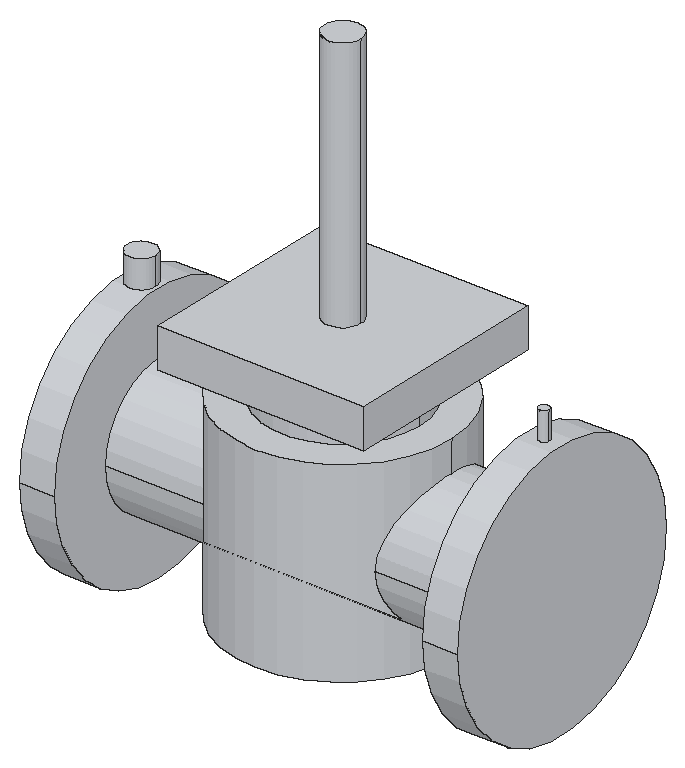
Revit family "OPTIMA_Compact_FLANGE_PN25_DN150-HF_RFA_2019", category Pipe Accessories, Revit 2019
Family settings
  Round Connector Dimension = Use Diameter
  Part Type = Valve - Breaks Into
  Work Plane-Based = No
  Always vertical = Yes
  Cut with Voids When Loaded = No
  Shared = No
Parameters (values of type "Optima Compact Flange PN25 DN150 HF")
  magiProductId = "Frese Optima Flange DN150 HF"
  magiProductFamilyId = "Frese Optima Flange *"
  magiPartTypeId = 304
  isMeasuringValve [instance] = no
  ang2D [instance] = 0.00°
  W2D = 50 mm
  VersionID = "2.0/2018.8.28.1/FRESE_OPTIMA_FLANGE_Q13_002"
  Use Minimum Symbol Size [instance] = yes
  URL = "www.hydronic.cz"
  Type Comments = "Přírubový; PN25; 0~110°C, s měřením"
  R4 = 84 mm
  R3 = 74.1 mm
  R1 = 120 mm
  QmdConnectorList = "301;D;302;D"
  Productdata [instance] = ""
  Manufacturer = "Hydronic Systems Prague s.r.o."
  MC Product Code = "53-1235 (DN150 HF; 43mm; pohon min 1500N; Qmin-dpmin 32000l/h-33.0kPa; Qmax-dpmin 195000l/h-65.0kPa; dpmax 800kPa)"
  MC Piping Given Pressure Drop [instance] = 0.0 Pa
  LF__ve = -LF  # -38.4 mm
  LF2 = 19.2 mm
  LF = 38.4 mm
  L4 = 225.6 mm
  L3 = 403.2 mm
  L2D_Min = 3048 mm
  L2D = 230 mm
  L2 = 240 mm
  H6 = 279.25 mm
  H4 = 42.75 mm
  H3 = 35.625 mm
  H2 = 106.875 mm
  H1 = 213.75 mm
  Description = "Tlakově nezávislý 2-cestný regulační vyvažovací ventil (PICV)"
  DF2 = 142.5 mm
  D = 150 mm
  CAT0 = yes
Types (14, lengths in mm): name | magiProductId | magiProductFamilyId | W2D | Type Comments | R4 | R3 | R1 | MC Product Code | LF__ve | LF2 | LF | L4 | L3 | L2D | L2 | H6 | H4 | H3 | H2 | H1 | DF2 | D
  Optima Compact Flange PN25 DN050 LF | "Frese Optima Flange DN050 LF" | "Frese Optima Flange *" | 50 | "Přírubový; PN25; 0~120°C, s měřením" | 40.3 | 42.9 | 57.5 | "53-1220 (DN50 LF; 20mm; pohon min 1000N; Qmin-dpmin 2500l/h-6.5kPa; Qmax-dpmin 15000l/h-20.0kPa; dpmax 800kPa)" | -18.4 | 9.2 | 18.4 | 108.1 | 193.2 | 230 | 115 | 157.3 | 24.8 | 20.6 | 61.9 | 123.8 | 82.5 | 50
  Optima Compact Flange PN25 DN050 HF | "Frese Optima Flange DN050 HF" | "Frese Optima Flange *" | 50 | "Přírubový; PN25; 0~120°C, s měřením" | 40.25 | 42.9 | 57.5 | "53-1230 (DN50 HF; 20mm; pohon min 1000N; Qmin-dpmin 3900l/h-19.0kPa; Qmax-dpmin 24000l/h-50.0kPa; dpmax 800kPa)" | -18.4 | 9.2 | 18.4 | 108.1 | 193.2 | 230 | 115 | 157.25 | 24.75 | 20.625 | 61.875 | 123.75 | 82.5 | 50
  Optima Compact Flange PN25 DN065 LF | "Frese Optima Flange DN065 LF" | "Frese Optima Flange *" | 50 | "Přírubový; PN25; 0~120°C, s měřením" | 50.75 | 48.1 | 72.5 | "53-1221 (DN65 LF; 20mm; pohon min 1000N; Qmin-dpmin 4400l/h-15.0kPa; Qmax-dpmin 25000l/h-25.0kPa; dpmax 800kPa)" | -23.2 | 11.6 | 23.2 | 136.3 | 243.6 | 230 | 145 | 171.25 | 27.75 | 23.125 | 69.375 | 138.75 | 92.5 | 65
  Optima Compact Flange PN25 DN065 HF | "Frese Optima Flange DN065 HF" | "Frese Optima Flange *" | 50 | "Přírubový; PN25; 0~120°C, s měřením" | 50.75 | 48.1 | 72.5 | "53-1231 (DN65 HF; 20mm; pohon min 1000N; Qmin-dpmin 6000l/h-30.0kPa; Qmax-dpmin 35000l/h-55.0kPa; dpmax 800kPa)" | -23.2 | 11.6 | 23.2 | 136.3 | 243.6 | 230 | 145 | 171.25 | 27.75 | 23.125 | 69.375 | 138.75 | 92.5 | 65
  Optima Compact Flange PN25 DN080 LF | "Frese Optima Flange DN080 LF" | "Frese Optima Flange *" | 50 | "Přírubový; PN25; 0~120°C, s měřením" | 54.25 | 52 | 77.5 | "53-1222 (DN80 LF; 20mm; pohon min 1000N; Qmin-dpmin 5300l/h-16.0kPa; Qmax-dpmin 34000l/h-25.0kPa; dpmax 800kPa)" | -24.8 | 12.4 | 24.8 | 145.7 | 260.4 | 230 | 155 | 183 | 30 | 25 | 75 | 150 | 100 | 80
  Optima Compact Flange PN25 DN080 HF | "Frese Optima Flange DN080 HF" | "Frese Optima Flange *" | 50 | "Přírubový; PN25; 0~120°C, s měřením" | 54.25 | 52 | 77.5 | "53-1232 (DN80 HF; 20mm; pohon min 1000N; Qmin-dpmin 7000l/h-23.0kPa; Qmax-dpmin 43000l/h-50.0kPa; dpmax 800kPa)" | -24.8 | 12.4 | 24.8 | 145.7 | 260.4 | 230 | 155 | 183 | 30 | 25 | 75 | 150 | 100 | 80
  Optima Compact Flange PN25 DN100 LF | "Frese Optima Flange DN100 LF" | "Frese Optima Flange *" | 50 | "Přírubový; PN25; 0~120°C, s měřením" | 61.25 | 61.1 | 87.5 | "53-1223 (DN100 LF; 40mm; pohon min 1000N; Qmin-dpmin 12100l/h-20.0kPa; Qmax-dpmin 68000l/h-35.0kPa; dpmax 800kPa)" | -28 | 14 | 28 | 164.5 | 294 | 230 | 175 | 268.75 | 35.25 | 29.375 | 88.125 | 176.25 | 117.5 | 100
  Optima Compact Flange PN25 DN100 HF | "Frese Optima Flange DN100 HF" | "Frese Optima Flange *" | 50 | "Přírubový; PN25; 0~120°C, s měřením" | 61.25 | 61.1 | 87.5 | "53-1233 (DN100 HF; 40mm; pohon min 1000N; Qmin-dpmin 14800l/h-30.0kPa; Qmax-dpmin 90000l/h-75.0kPa; dpmax 800kPa)" | -28 | 14 | 28 | 164.5 | 294 | 230 | 175 | 268.75 | 35.25 | 29.375 | 88.125 | 176.25 | 117.5 | 100
  Optima Compact Flange PN25 DN125 LF | "Frese Optima Flange DN125 LF" | "Frese Optima Flange *" | 50 | "Přírubový; PN25; 0~120°C, s měřením" | 70 | 70.2 | 100 | "53-1224 (DN125 LF; 40mm; pohon min 1000N; Qmin-dpmin 18500l/h-16.0kPa; Qmax-dpmin 110000l/h-35.0kPa; dpmax 800kPa)" | -32 | 16 | 32 | 188 | 336 | 230 | 200 | 275.5 | 40.5 | 33.75 | 101.25 | 202.5 | 135 | 125
  Optima Compact Flange PN25 DN125 HF | "Frese Optima Flange DN125 HF" | "Frese Optima Flange *" | 50 | "Přírubový; PN25; 0~120°C, s měřením" | 70 | 70.2 | 100 | "53-1234 (DN125 HF; 40mm; pohon min 1000N; Qmin-dpmin 23000l/h-27.0kPa; Qmax-dpmin 135000l/h-53.0kPa; dpmax 800kPa)" | -32 | 16 | 32 | 188 | 336 | 230 | 200 | 275.5 | 40.5 | 33.75 | 101.25 | 202.5 | 135 | 125
  Optima Compact Flange PN25 DN150 LF | "Frese Optima Flange DN150 LF" | "Frese Optima Flange *" | 50 | "Přírubový; PN25; 0~110°C, s měřením" | 84 | 74.1 | 120 | "53-1225 (DN150 LF; 43mm; pohon min 1500N; Qmin-dpmin 25600l/h-21.0kPa; Qmax-dpmin 148000l/h-35.0kPa; dpmax 800kPa)" | -38.4 | 19.2 | 38.4 | 225.6 | 403.2 | 230 | 240 | 279.25 | 42.75 | 35.625 | 106.875 | 213.75 | 142.5 | 150
  Optima Compact Flange PN25 DN150 HF | "Frese Optima Flange DN150 HF" | "Frese Optima Flange *" | 50 | "Přírubový; PN25; 0~110°C, s měřením" | 84 | 74.1 | 120 | "53-1235 (DN150 HF; 43mm; pohon min 1500N; Qmin-dpmin 32000l/h-33.0kPa; Qmax-dpmin 195000l/h-65.0kPa; dpmax 800kPa)" | -38.4 | 19.2 | 38.4 | 225.6 | 403.2 | 230 | 240 | 279.25 | 42.75 | 35.625 | 106.875 | 213.75 | 142.5 | 150
  Optima Compact Flange PN25 DN200 LF | "" | "" | 100 | "Přírubový; PN25; 0~110°C, s měřením" | 164.5 | 98.8 | 235 | "53-1226 (DN200 LF; 43mm; pohon min 1500N; Qmin-dpmin 95000l/h-11.0kPa; Qmax-dpmin 210000l/h-32.0kPa; dpmax 800kPa)" | -48 | 24 | 48 | 282 | 504 | 350 | 300 | 281 | 57 | 15 | 209 | 380 | 190 | 200
  Optima Compact Flange PN25 DN200 HF | "" | "" | 100 | "Přírubový; PN25; 0~110°C, s měřením" | 164.5 | 98.8 | 235 | "53-1236 (DN200 HF; 43mm; pohon min 1500N; Qmin-dpmin 130000l/h-31.0kPa; Qmax-dpmin 280000l/h-78.0kPa; dpmax 800kPa)" | -48 | 24 | 48 | 282 | 504 | 350 | 300 | 281 | 57 | 15 | 209 | 380 | 190 | 200
Reference planes
  plane 1 "Center (Front/Back)": y = 0
  plane 2 "XYPLANE": z = 0
  plane 3 "Center (Left/Right)": x = 0
  plane 4 "157": x = 220.8
  plane 5 "156": x = -220.8
  plane 6 "155": z = 142.5
  plane 7 "154": z = 185.25
  plane 8 "153": z = 142.5
  plane 9 "152": z = 106.875
  plane 10 "151": x = -201.6
  plane 11 "150": z = -106.875
  plane 12 "149": x = 0
  plane 13 "148": y = 0
  plane 14 "147": z = 0
  plane 15 "146": x = -240
  plane 16 "145": x = 240
Forms (mm)
  Extrusion 1, solid, visible <- "CAT0"
    sketch origin (-750, 0, 142.5) x (1, 0, 0) y (0, 1, 0)
      loop
        circle (970.8, 0) r 5.5
    from 0 to 30
  Extrusion 2, solid, visible <- "CAT0"
    sketch origin (-750, 0, 142.5) x (1, 0, 0) y (0, 1, 0)
      loop
        circle (529.2, 0) r 15.5
    from 0 to 30
  Extrusion 3, solid, visible <- "CAT0"
    sketch origin (-750, 0, 185.25) x (1, 0, 0) y (0, 1, 0)
      loop
        circle (750, 0) r 20
    from 0 to 279.25 <- "H6"
  Extrusion 4, solid, visible <- "CAT0"
    sketch origin (-750, 0, 142.5) x (1, 0, 0) y (0, 1, 0)
      loop
        line (862.8, 112.8) -> (637.2, 112.8) -> (637.2, -112.8) -> (862.8, -112.8) -> (862.8, 112.8)
    from 0 to 42.75 <- "H4"
  Extrusion 5, solid, visible <- "CAT0"
    sketch origin (-750, 0, 106.875) x (1, 0, 0) y (0, 1, 0)
      loop
        circle (750, 0) r 84
    from 0 to 35.625 <- "H3"
  Extrusion 6, solid, visible <- "CAT0"
    sketch origin (-201.6, -750, 0) x (0, 1, 0) y (0, 0, 1)
      loop
        circle (750, 0) r 74.1
    from 0 to 403.2 <- "L3"
  Extrusion 7, solid, visible <- "CAT0"
    sketch origin (-750, 0, -106.875) x (1, 0, 0) y (0, 1, 0)
      loop
        circle (750, 0) r 120
    from 0 to 213.75 <- "H1"
  Extrusion 8, solid, visible <- "CAT0"
    sketch origin (-240, -750, 0) x (0, 1, 0) y (0, 0, 1)
      loop
        circle (750, 0) r 142.5
    from 0 to 38.4 <- "LF"
  Extrusion 9, solid, visible <- "CAT0"
    sketch origin (240, -750, 0) x (0, 1, 0) y (0, 0, 1)
      loop
        circle (750, 0) r 142.5
    from 0 to -38.4 <- "LF__ve"
  Extrusion 10, solid, not visible
    sketch origin (-240, -750, 0) x (0, 1, 0) y (0, 0, 1)
      loop
        circle (750, 0) r 10
    from 0 to 10
  Extrusion 11, solid, not visible
    sketch origin (240, -750, 0) x (0, 1, 0) y (0, 0, 1)
      loop
        circle (750, 0) r 10
    from 0 to -10
Lines and regions (mm)
  reference lines, not visible
    curve 1: circle (2, 2, 0) r 1 normal (0, 0, 1)
  reference lines
    curve 2: circle (0, 0, 142.5) r 1 normal (0, 0, 1)
Dimensions and locks
  plane 1 "Center (Front/Back)" to curve 1 = 2 mm
  "LF2": plane 16 "145" to plane 4 "157"
  "LF2": plane 15 "146" to plane 5 "156"
  "DF2": plane 2 "XYPLANE" to plane 6 "155"
  "H4": plane 8 "153" to plane 7 "154"
  "H3": plane 9 "152" to plane 8 "153"
  "H1": plane 11 "150" to plane 9 "152"
  "LF": plane 15 "146" to plane 10 "151"
  "H2": plane 2 "XYPLANE" to plane 11 "150"
  locked: plane 3 "Center (Left/Right)" to plane 12 "149"
  locked: plane 1 "Center (Front/Back)" to plane 13 "148"
  locked: plane 2 "XYPLANE" to plane 14 "147"
  "L2": plane 3 "Center (Left/Right)" to plane 15 "146"
  "L2": plane 3 "Center (Left/Right)" to plane 16 "145"
  equal spacing: Extrusion 4 sketch curve, curve 2, Extrusion 4 sketch curve  (x2)
  "L4": Extrusion 4 sketch curve to Extrusion 4 sketch curve  (x2)
  Extrusion 4 sketch curve to Extrusion 4 sketch curve = 0 mm  (x8)
  "R4": radius of Extrusion 5 sketch curve
  "R3": radius of Extrusion 6 sketch curve
  "R1": radius of Extrusion 7 sketch curve
  "DF2": radius of Extrusion 8 sketch curve
  "DF2": radius of Extrusion 9 sketch curve
  aligned and locked: level to plane 2 "XYPLANE"
  aligned and locked: plane 4 "157" to Extrusion 1 sketch curve
  aligned and locked: plane 13 "148" to Extrusion 1 sketch curve
  aligned and locked: plane 5 "156" to Extrusion 2 sketch curve
  aligned and locked: plane 13 "148" to Extrusion 2 sketch curve
  aligned and locked: plane 12 "149" to Extrusion 3 sketch curve
  aligned and locked: plane 13 "148" to Extrusion 3 sketch curve
  aligned and locked: plane 12 "149" to curve 2
  aligned and locked: plane 13 "148" to curve 2
  aligned and locked: plane 12 "149" to Extrusion 5 sketch curve
  aligned and locked: plane 13 "148" to Extrusion 5 sketch curve
  aligned and locked: Extrusion 6 sketch curve to plane 13 "148"
  aligned and locked: plane 14 "147" to Extrusion 6 sketch curve
  aligned and locked: plane 12 "149" to Extrusion 7 sketch curve
  aligned and locked: plane 13 "148" to Extrusion 7 sketch curve
  aligned and locked: Extrusion 8 sketch curve to plane 13 "148"
  aligned and locked: plane 14 "147" to Extrusion 8 sketch curve
  aligned and locked: Extrusion 9 sketch curve to plane 13 "148"
  aligned and locked: plane 14 "147" to Extrusion 9 sketch curve
  aligned and locked: Extrusion 10 sketch curve to plane 13 "148"
  aligned and locked: plane 14 "147" to Extrusion 10 sketch curve
  aligned and locked: Extrusion 11 sketch curve to plane 13 "148"
  aligned and locked: plane 14 "147" to Extrusion 11 sketch curve
Automatic sketch dimensions
  Extrusion 1 sketch curve to plane 4 "157" = 5.5 mm
  plane 15 "146" to Extrusion 2 sketch curve = 3.7 mm
  Extrusion 3 sketch curve to plane 3 "Center (Left/Right)" = 20 mm
  plane 1 "Center (Front/Back)" to Extrusion 10 sketch curve = 10 mm
  plane 1 "Center (Front/Back)" to Extrusion 11 sketch curve = 10 mm
  plane 3 "Center (Left/Right)" to curve 1 = 2 mm
  plane 10 "151" to Extrusion 4 sketch curve = 88.8 mm
  plane 1 "Center (Front/Back)" to Extrusion 4 sketch curve = 112.8 mm
  radius of curve 2 = 1 mm
  radius of curve 1 = 1 mm
Connectors
  piping at (-240, 0, 0), diameter 150, driven by "D"
    settings: on Extrusion 10, index 1, connector inside diameter 609.6 mm, connector length 0 mm, flow factor 0, pipe flow 0.0 L/s, pressure drop 0.0 Pa, fitting loss kfactor 0, connector angle 0.00°, fixture units 0, engagement length 0 mm, angle of deflection 0.00°, flow configuration 0, flow direction 0, fitting loss method 0, system type 29, joint type 0, gender type 0, connector reference index 2, connector utility 0, adjustable connector no, is connector primary yes, connector description ""
  piping at (240, 0, 0), diameter 150, driven by "D"
    settings: on Extrusion 11, index 2, connector inside diameter 609.6 mm, connector length 0 mm, flow factor 0, pipe flow 0.0 L/s, pressure drop 0.0 Pa, fitting loss kfactor 0, connector angle 0.00°, fixture units 0, engagement length 0 mm, angle of deflection 0.00°, flow configuration 0, flow direction 0, fitting loss method 0, system type 29, joint type 0, gender type 0, connector reference index 1, connector utility 0, adjustable connector no, is connector primary no, connector description ""
